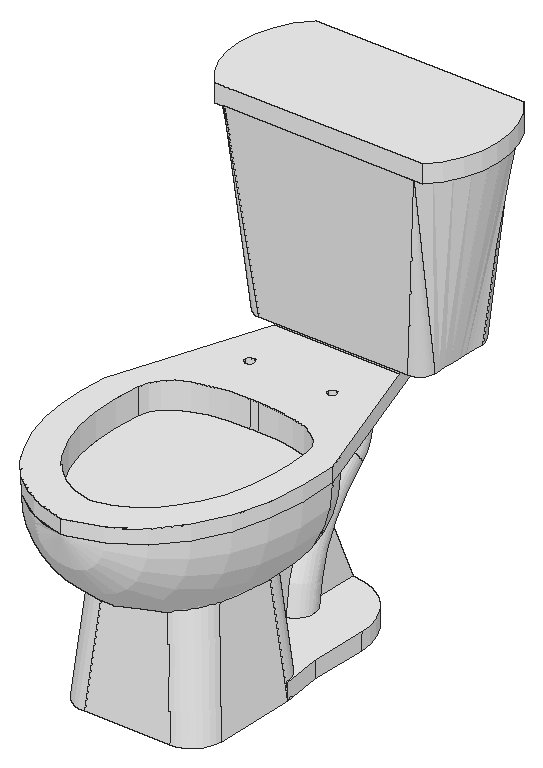
Revit family "toilet-floor_mount-zurn-z5535-k", category Plumbing Fixtures, host Face, Revit 2022
Family settings
  Host = Face
  Round Connector Dimension = Use Radius
  Part Type = Normal
  OmniClass Number = 23.45.05.21.11.11
  OmniClass Title = Water Operated Water Closets
  Cut with Voids When Loaded = No
  Maintain Annotation Orientation = No
  Shared = No
  Room Calculation Point = No
Parameters (values of type "Z5535-K (Elongated, Two-Piece Toilet)")
  Width of Tank = 17.313"  # constant formula
  Width of Bowl = 14.500"  # constant formula
  Width of ( Bowl + Tank) = 28.250"  # constant formula
  Water Sense Compliance = 1 = 1  # yes
  Waste Connection = 1 = 1  # yes
  WFU = 0  # constant formula
  Vent Connection = 1 = 0  # no
  URL = "https://www.zurn.com/"
  Shipping Weight (lbs) = 89  # constant formula
  Repair Parts URL = "https://files.zurn.com/care-cleaning-install-warranty-sheets/cbf10.pdf#page=3"
  Product data URL = "https://www.bimobject.com/zurnindustries/product/Z5535-K\r\nhttps://www.bimobject.com/zurnindustries/product/Z5535-K"
  Product Page URL = "https://www.zurn.com/products/finish-plumbing/fixtures/water-closets/z5535-k"
  Product Installation Sheet URL = "https://files.zurn.com/care-cleaning-install-warranty-sheets/cbf10.pdf"
  Product Documentation Link = "https://files.zurn.com/spec-sheets/z5535-k_spec.pdf"
  Sanitary Outlet  Pipe Radius (inch) = 1.500"
  Modified Date = "01/09/2026"  # constant formula
  Model = "Z5535-K"  # constant formula
  Manufacturer Brand = "Zurn"  # constant formula
  Manufacturer = "Zurn Water, LLC"  # constant formula
  Main Material = Vitreous China - Zurn - White
  Length of Tank = 8.500"  # constant formula
  Height of Tank = 14.125"  # constant formula
  Height of Bowl = 15.000"  # constant formula
  Height of ( Bowl + Tank) = 29.125"  # constant formula
  HWFU = 0  # constant formula
  HW Connection = 1 = 0  # no
  Flush Rate (GPF) = "1.28"  # constant formula
  Fixture Mounting Method = "Floor Mounted"  # constant formula
  Description = "1.28 gpf, STD Height, Elongated, Siphon Jet Toilet "  # constant formula
  Default Elevation = 48.000"
  Date Created = "01/09/2026"  # constant formula
  CWFU = 0  # constant formula
  CW Connection = 1 = 0  # no
  Assembly Code = "D2010.60"
  ADA Compliance = 1 = 0  # no
Reference planes (in)
  plane 1 "Center (Front/Back)": y = 0
  plane 2: z = 0
  plane 3 "Center (Left/Right)": x = 0
  plane 4: x = -8.6565
  plane 5: x = 8.6565
  plane 6: y = 10.5
  plane 7: y = 2
  plane 8: z = 15
  plane 9: z = 29.125
  plane 10: x = -7.25
  plane 11: x = 7.25
  plane 12: y = -17.75
  plane 13: y = -0.6234
  plane 14: y = 0
  plane 15: y = 0.27984
Dimensions and locks (in)
  equal spacing: plane 4, plane 3 "Center (Left/Right)", plane 5
  "Width of Tank": plane 4 to plane 5
  locked: plane 7 to plane 1 "Center (Front/Back)" at 2
  "Length of Tank": plane 6 to plane 7
  "Height of Bowl": plane 8 to level
  "Height of ( Bowl + Tank)": plane 9 to level
  plane 9 to plane 8 = 14.125"
  equal spacing: plane 10, plane 3 "Center (Left/Right)", plane 11
  "Width of Bowl": plane 10 to plane 11
  "Width of ( Bowl + Tank)": plane 12 to plane 6
  aligned and locked: plane 2 to host face
  aligned and locked: level to host face
  aligned and locked: plane 3 "Center (Left/Right)" to nested 1
  aligned and locked: plane 1 "Center (Front/Back)" to nested 1
Automatic sketch dimensions
  host sketch curve to host sketch curve = 49.00546"
  host sketch curve to host sketch curve = 84.57819"
Nested families (in)
  nested 1: "Z5535-K" at (0, 0, 0), type "Z5535-K"
Connectors (in)
  piping at (0, 0, 0), diameter 3, driven by "Waste Connection"
    settings: on nested 1, index 2, connector inside diameter 24", connector length 0.000", flow factor 0, pipe flow 0 GPM, pressure drop 0.00 psi, fitting loss kfactor 0, connector angle 0.00°, fixture units 0, engagement length 0.000", angle of deflection 0.00°, flow configuration 0, flow direction 2, fitting loss method 0, system type 16, joint type 0, gender type 0, connector reference index -1, connector utility 1, adjustable connector no, is connector primary yes, connector description "Water Closet Outlet"
Definition of nested family "Z5535-K"
  Parameters (values of type "Z5535-K")
    Material = none
    Default Elevation = 48.000"
  Reference planes (in)
    plane 1 "Center (Front/Back)": y = 0
    plane 2: z = 0
    plane 3 "Center (Left/Right)": x = 0
    plane 4: z = 15
    plane 5: z = 29.125
  Forms (in)
    Blend 1, solid, material <- "Material", detail levels fine
      base sketch origin (0, 0, 0) x (1, 0, 0) y (0, 1, 0)
        loop
          arc (2.84867, -14.12835) -> (4.23654, -13.55347) -> (4.81142, -12.1656) r 1.96275
          line (4.81142, -12.1656) -> (4.81142, -6.65198)
          arc (4.81142, -6.65198) -> (4.22564, -5.23776) -> (2.81142, -4.65197) r 2
          line (2.81142, -4.65197) -> (-2.81142, -4.65197)
          arc (-2.81142, -4.65197) -> (-4.22563, -5.23776) -> (-4.81142, -6.65197) r 2
          line (-4.81142, -6.65197) -> (-4.81142, -12.16476)
          arc (-4.81142, -12.16476) -> (-4.23684, -13.55317) -> (-2.84867, -14.12835) r 1.96275
          line (-2.84867, -14.12835) -> (2.84867, -14.12835)
      top sketch origin (0, 0, 0) x (1, 0, 0) y (0, 1, 0)
        loop
          line (1.81142, -5.65197) -> (-2.81142, -5.65197)
          arc (-2.81142, -5.65197) -> (-3.51852, -5.94487) -> (-3.81142, -6.65197) r 1
          line (-3.81142, -6.65197) -> (-3.81142, -11.1656)
          arc (-3.81142, -11.1656) -> (-3.23654, -12.55347) -> (-1.84867, -13.12835) r 1.96275
          line (-1.84867, -13.12835) -> (1.84867, -13.12835)
          arc (1.84867, -13.12835) -> (3.23654, -12.55347) -> (3.81142, -11.1656) r 1.96275
          line (3.81142, -11.1656) -> (3.81142, -7.65198)
          arc (3.81142, -7.65198) -> (3.22564, -6.23776) -> (1.81142, -5.65197) r 2
      from 0 to 11.0774
    Extrusion 2, solid, material <- "Material", detail levels fine
      sketch origin (0, 0, 0) x (1, 0, 0) y (0, 1, 0)
        loop
          arc (4.45589, 0) -> (0, 4.45589) -> (-4.45589, 0) r 4.45589
          line (-4.45589, 0) -> (-4.45589, -3.90354) -> (-4.81142, -6.65198) -> (4.81142, -6.65198) -> (4.45589, -3.90354) -> (4.45589, 0)
      from 0 to 1.10198
    Extrusion 3, solid, material <- "Material", detail levels fine
      sketch origin (0, 0, 0) x (0, 1, 0) y (0, 0, 1)
        loop
          line (-1.23093, 0.65787) -> (4.45589, 0.65787) -> (4.45589, 1.10198) -> (2.40856, 5.63929) -> (8.07969, 13.73851) -> (8.07969, 14.82283) -> (-2.78513, 14.82283) -> (-5.51195, 7.6022) -> (-5.14801, 0.65787) -> (-1.23093, 0.65787)
      from -0.31496 to 0.31496
    Sweep 4, solid, material <- "Material", detail levels fine
      path origin (0, 0, 0) x (0, 1, 0) y (0, 0, 1)
        loop
          arc (-0.00732, 0.46697) -> (0.96381, 5.06054) -> (3.85339, 8.76111) r 10.41718
          arc (3.85339, 8.76111) -> (3.98498, 11.28445) -> (1.46182, 11.14952) r 1.69943
          arc (1.46182, 11.14952) -> (-1.77644, 8.45018) -> (-5.80209, 7.19841) r 10.78539
      profile origin (0, 0.96381, 5.06054) x (0, -0.906597, 0.421998) y (1, 0, 0)
        loop
          circle (0, 0) r 1.25
    Extrusion 5, solid, material <- "Material", detail levels fine
      sketch origin (0, 0, 0) x (1, 0, 0) y (0, 1, 0)
        loop
          spline (0, -19.65419) -> (1.43121, -19.30258) -> (2.70592, -18.74099) -> (3.82774, -17.99153) -> (4.80028, -17.0763) -> (5.62717, -16.01739) -> (6.31199, -14.83689) -> (6.85838, -13.55691) -> (7.26994, -12.19954) -> (7.55028, -10.78689) -> (7.70302, -9.34103) -> (7.73177, -7.88408) -> (7.64013, -6.43813)
          line (7.64013, -6.43813) -> (2.838, 7.50827)
          arc (2.838, 7.50827) -> (0, 9.53259) -> (-2.838, 7.50827) r 3.00153
          line (-2.838, 7.50827) -> (-7.64013, -6.43813)
          spline (-7.64013, -6.43813) -> (-7.73177, -7.88408) -> (-7.70302, -9.34103) -> (-7.55028, -10.78689) -> (-7.26994, -12.19954) -> (-6.85838, -13.55691) -> (-6.31199, -14.83689) -> (-5.62717, -16.01739) -> (-4.80028, -17.0763) -> (-3.82774, -17.99153) -> (-2.70592, -18.74099) -> (-1.43121, -19.30258) -> (0, -19.65419)
        loop
          circle (-2.77021, -0.34962) r 0.3366
        loop
          circle (2.74402, -0.32635) r 0.31343
      from 14.0173 to 15
    Revolve 6, solid, material <- "Material", detail levels fine
      sketch origin (0, 0, 14.0173) x (1, 0, 0) y (0, 1, 0)
        loop
          spline (0, -19.65419) -> (1.43121, -19.30258) -> (2.70592, -18.74099) -> (3.82774, -17.99153) -> (4.80028, -17.0763) -> (5.62717, -16.01739) -> (6.31199, -14.83689) -> (6.85838, -13.55691) -> (7.26994, -12.19954) -> (7.55028, -10.78689) -> (7.70302, -9.34103) -> (7.73177, -7.88408) -> (7.64013, -6.43813)
          spline (7.64013, -6.43813) -> (7.47588, -5.83375) -> (7.22573, -5.28193) -> (6.88969, -4.78266) -> (6.46775, -4.33594) -> (5.95992, -3.94178) -> (5.36619, -3.60018) -> (4.68656, -3.31113) -> (3.92104, -3.07463) -> (3.06962, -2.89069) -> (2.13231, -2.7593) -> (1.1091, -2.68047) -> (0, -2.65419)
          line (0, -2.65419) -> (0, -19.65419)
        axis (0, -19.65419) -> (0, -2.65419)
      angle from 0 to 180
    Extrusion 7, solid, material <- "Material", detail levels fine
      sketch origin (-0.01855, 0, 14.0173) x (0, 1, 0) y (1, 0, 0)
        loop
          line (3.52452, -4.20971) -> (7.50827, -2.838)
          arc (7.50827, -2.838) -> (9.53259, 0) -> (7.50827, 2.838) r 3.00153
          line (7.50827, 2.838) -> (3.52452, 4.20971) -> (3.52452, -4.20971)
      from -0.9827 to -1.17155
    Extrusion 8, void
      sketch origin (0, 0, 0) x (1, 0, 0) y (0, 1, 0)
        loop
          spline (-5.66875, -6.11508) -> (-5.77213, -7.41621) -> (-5.76755, -8.72559) -> (-5.6524, -10.01683) -> (-5.42596, -11.26304) -> (-5.09112, -12.43664) -> (-4.65356, -13.5111) -> (-4.11902, -14.46869) -> (-3.49546, -15.29552) -> (-2.7879, -15.98338) -> (-1.98513, -16.53916) -> (-1.06921, -16.96) -> (0, -17.24063)
          spline (0, -17.24063) -> (1.06921, -16.96) -> (1.98513, -16.53916) -> (2.7879, -15.98338) -> (3.49546, -15.29552) -> (4.11902, -14.46869) -> (4.65356, -13.5111) -> (5.09112, -12.43664) -> (5.42596, -11.26304) -> (5.6524, -10.01683) -> (5.76755, -8.72559) -> (5.77213, -7.41621) -> (5.66875, -6.11508)
          spline (5.66875, -6.11508) -> (5.59678, -5.70378) -> (5.45588, -5.32726) -> (5.24605, -4.98553) -> (4.96729, -4.6786) -> (4.61961, -4.40645) -> (4.20299, -4.16908) -> (3.71744, -3.96651) -> (3.16297, -3.79873) -> (2.53957, -3.66573) -> (1.84723, -3.56753) -> (1.08597, -3.50411) -> (0.25578, -3.47548)
          line (0.25578, -3.47548) -> (-0.25578, -3.47548)
          spline (-0.25578, -3.47548) -> (-1.08597, -3.50411) -> (-1.84723, -3.56753) -> (-2.53957, -3.66573) -> (-3.16297, -3.79873) -> (-3.71744, -3.96651) -> (-4.20299, -4.16908) -> (-4.61961, -4.40645) -> (-4.96729, -4.6786) -> (-5.24605, -4.98553) -> (-5.45588, -5.32726) -> (-5.59678, -5.70378) -> (-5.66875, -6.11508)
      from 13.22281 to 16.99329
    Extrusion 9, void
      sketch origin (0, 0, 0) x (1, 0, 0) y (0, 1, 0)
        loop
          circle (0, 6.489) r 1.25
      from 15.29183 to 17.48496
    Extrusion 10, solid, material <- "Material", detail levels coarse+medium
      sketch origin (0, 0, 14.0173) x (0, 1, 0) y (1, 0, 0)
        loop
          line (-6.1748, 7.71894) -> (-11.90198, 7.71894)
          arc (-11.90198, 7.71894) -> (-17.37106, 5.45999) -> (-19.65191, 0) r 7.75
          arc (-19.65191, 0) -> (-17.37106, -5.45999) -> (-11.90198, -7.71894) r 7.75
          line (-11.90198, -7.71894) -> (-6.1748, -7.71894) -> (7.53948, -2.82706)
          arc (7.53948, -2.82706) -> (9.53259, 0) -> (7.53948, 2.82706) r 3.00153
          line (7.53948, 2.82706) -> (-6.1748, 7.71894)
      from -0.9827 to 14.0173
    Extrusion 11, void
      sketch origin (0, 0, 0) x (1, 0, 0) y (0, 1, 0)
        loop
          circle (0, 0) r 1.25977
      from 0 to 1.10198
  Cuts and joins
    Extrusion 8, Extrusion 11 cuts Blend 1
    Extrusion 8, Extrusion 11 cuts Extrusion 2
    Extrusion 8, Extrusion 11 cuts Extrusion 3
    Extrusion 8, Extrusion 11 cuts Sweep 4
    Extrusion 8, Extrusion 9, Extrusion 11 cuts Extrusion 5
    Extrusion 8, Extrusion 11 cuts Revolve 6
    Extrusion 8, Extrusion 9, Extrusion 11 cuts Extrusion 7
    joined: Blend 1, Extrusion 2, Extrusion 3, Sweep 4, Extrusion 5, Revolve 6, Extrusion 7
    Extrusion 8 cuts Extrusion 10
  Lines and regions (in)
    Masking region 1
      outline origin (0, 0, 0) x (1, 0, 0) y (0, 1, 0)
        loop
          spline (-6.68028, -14.03823) -> (-6.36618, -14.74153) -> (-6.00902, -15.42493) -> (-5.60851, -16.08342) -> (-5.16378, -16.71313) -> (-4.67455, -17.30892) -> (-4.13971, -17.8642) -> (-3.55701, -18.36884) -> (-2.9246, -18.81064) -> (-2.24479, -19.17382) -> (-1.52172, -19.44405) -> (-0.76925, -19.61221) -> (0, -19.67078)
          spline (0, -19.67078) -> (0.76925, -19.61221) -> (1.52172, -19.44405) -> (2.24479, -19.17382) -> (2.9246, -18.81064) -> (3.55701, -18.36884) -> (4.13971, -17.8642) -> (4.67455, -17.30892) -> (5.16378, -16.71313) -> (5.60851, -16.08342) -> (6.00902, -15.42493) -> (6.36618, -14.74153) -> (6.68028, -14.03823)
          spline (6.68028, -14.03823) -> (6.91714, -13.41949) -> (7.12367, -12.78952) -> (7.29974, -12.1507) -> (7.44538, -11.50442) -> (7.56078, -10.85156) -> (7.64583, -10.19427) -> (7.70061, -9.53406) -> (7.72545, -8.87153) -> (7.72029, -8.20868) -> (7.68493, -7.54722) -> (7.61889, -6.88781) -> (7.5219, -6.23262)
          line (7.5219, -6.23262) -> (7.4191, -5.7962) -> (4.67891, 2.16189) -> (7.2538, 2.16189)
          arc (7.2538, 2.16189) -> (8.99895, 6.59723) -> (7.09234, 10.9656) r 6.22
          line (7.09234, 10.9656) -> (-6.85835, 10.9656)
          arc (-6.85835, 10.9656) -> (-8.83596, 6.62682) -> (-7.16258, 2.16189) r 6.2236
          line (-7.16258, 2.16189) -> (-4.67891, 2.16189) -> (-7.4191, -5.7962) -> (-7.5219, -6.23262)
          spline (-7.5219, -6.23262) -> (-7.61889, -6.88781) -> (-7.68493, -7.54722) -> (-7.72029, -8.20868) -> (-7.72545, -8.87153) -> (-7.70061, -9.53406) -> (-7.64583, -10.19427) -> (-7.56078, -10.85156) -> (-7.44538, -11.50442) -> (-7.29974, -12.1507) -> (-7.12367, -12.78952) -> (-6.91714, -13.41949) -> (-6.68028, -14.03823)
    symbolic lines, detail levels fine
      curve 1: line (4.60622, -13.27749, 0) -> (-5.27675, -6.2357, 0)
      curve 2: line (-5.27674, -6.23567, 0) -> (4.60602, -13.27734, 0)
      curve 3: line (-0.81331, -7.01843, 0) -> (-0.71544, -7.29079, 0)
      curve 4: line (0, -5.11053, 0) -> (-0.81331, -7.01843, 0)
      curve 5: line (-0.71544, -7.29079, 0) -> (0.71544, -7.29079, 0)
      curve 6: line (0.81331, -7.01843, 0) -> (0.71544, -7.29079, 0)
      curve 7: line (0, -5.11053, 0) -> (0.81331, -7.01843, 0)
      curve 8: circle (2.75592, -0.32766, 0) r 0.31496 normal (0, 0, 1)
      curve 9: circle (-2.7559, -0.32766, 0) r 0.31496 normal (0, 0, 1)
  Dimensions and locks (in)
    Blend 1 sketch curve to plane 3 "Center (Left/Right)" to Blend 1 sketch curve = 4.81142", 4.81142"
    Blend 1 sketch curve to Blend 1 sketch curve = 9.62283"
    locked: plane 4 to level at 15
    locked: plane 5 to level at 29.125
    nested 1 to Masking region 1 = 17.83967"
    aligned and locked: plane 2 to level
    aligned and locked: Masking region 1 sketch curve to nested 1  (x2)
    aligned and locked: cut or joined group 1 (Blend 1, Extrusion 2, Extrusion 3, Sweep 4, Extrusion 5, Revolve 6, Extrusion 7, Extrusion 8, Extrusion 9, Extrusion 11) to Masking region 1 sketch curve  (x2)
    aligned and locked: nested 1 to Masking region 1 sketch curve
    aligned and locked: Extrusion 7 to Extrusion 5
    aligned and locked: nested 1 to cut or joined group 1
    aligned and locked: plane 4 to Extrusion 10
    aligned and locked: Extrusion 10 to level
  Nested families (in)
    nested 1: "Z5535-TNK" at (-0.18342, 6.41189, 15.18885) x (-1, 0, 0) z (0, 0, 1), type "Z5535-TNK"
  Definition of nested family "Z5535-TNK"
    Parameters (values of type "Z5535-TNK")
      Width of Tank = 17.3125"
      Material = none
      Default Elevation = 0.000"
    Reference planes (in)
      plane 1 "Center (Front/Back)": y = 0
      plane 2: z = 0
      plane 3 "Center (Left/Right)": x = 0
      plane 4: x = -8.65625
      plane 5: x = 8.65625
      plane 6: z = 13.93
      plane 7: z = 12.72
    Forms (in)
      Blend 1, solid, material <- "Material"
        base sketch origin (0, 0, 0) x (1, 0, 0) y (0, 1, 0)
          loop
            arc (5, -3) -> (5.70711, -2.70711) -> (6, -2) r 1
            line (6, -2) -> (6, 2)
            arc (6, 2) -> (5.70711, 2.70711) -> (5, 3) r 1
            line (5, 3) -> (-5, 3)
            arc (-5, 3) -> (-5.70711, 2.70711) -> (-6, 2) r 1
            line (-6, 2) -> (-6, -2)
            arc (-6, -2) -> (-5.70711, -2.70711) -> (-5, -3) r 1
            line (-5, -3) -> (5, -3)
        top sketch origin (0, 0, 0) x (1, 0, 0) y (0, 1, 0)
          loop
            line (6.36225, 4.25) -> (-6.38775, 4.25)
            arc (-6.38775, 4.25) -> (-8.47599, 0) -> (-6.38775, -4.25) r 5.36895
            line (-6.38775, -4.25) -> (6.36225, -4.25)
            arc (6.36225, -4.25) -> (8.41872, 0) -> (6.36225, 4.25) r 5.41985
        from 0 to 12.72
      Extrusion 2, solid, material <- "Material", detail levels fine
        sketch origin (0, 0, 0) x (1, 0, 0) y (0, 1, 0)
          loop
            arc (-6.98074, 4.25) -> (-8.65625, 0) -> (-6.98074, -4.25) r 6.2279
            line (-6.98074, -4.25) -> (6.97915, -4.25)
            arc (6.97915, -4.25) -> (8.65625, 0) -> (6.97915, 4.25) r 6.2236
            line (6.97915, 4.25) -> (-6.98074, 4.25)
        from 12.72 to 13.93
      Extrusion 3, void
        sketch origin (0, 0, 0) x (-1, 0, 0) y (0, -1, 0)
          loop
            circle (-4.72982, 1.97684) r 0.55118
        from -0.36527 to 1.40725
    Cuts and joins
      Extrusion 3 cuts Blend 1
    Lines and regions (in)
      symbolic lines, detail levels medium+fine
        curve 1: line (0, 4.30857, 12.71654) -> (0, -4.22225, 12.71654)
    Dimensions and locks (in)
      equal spacing: plane 4, plane 3 "Center (Left/Right)", plane 5
      "Width of Tank": plane 4 to plane 5
      level to plane 6 = 13.930"
      Extrusion 2 to Extrusion 2 = 8.500"
      Extrusion 2 sketch curve to plane 1 "Center (Front/Back)" to Extrusion 2 sketch curve = 4.250", 4.250"
      Blend 1 sketch curve to plane 1 "Center (Front/Back)" = 4.250"  (x2)
      Blend 1 sketch curve to plane 1 "Center (Front/Back)" = 3.000"
      plane 3 "Center (Left/Right)" to Blend 1 sketch curve = 6.000"
      aligned and locked: plane 2 to level
      aligned and locked: plane 1 "Center (Front/Back)" to Extrusion 2 sketch curve  (x2)
      aligned and locked: plane 7 to Extrusion 2
      aligned and locked: plane 7 to cut or joined group of Blend 1, Extrusion 3
    Automatic sketch dimensions
      plane 1 "Center (Front/Back)" to curve 1 = 4.22225"
      level to curve 1 = 12.71654"
      curve 1 to plane 1 "Center (Front/Back)" = 4.30857"
      Blend 1 sketch curve to plane 1 "Center (Front/Back)" = 2.000"
      Blend 1 sketch curve to plane 3 "Center (Left/Right)" = 6.000"
      Blend 1 sketch curve to Blend 1 sketch curve = 1.000"  (x3)
      Blend 1 sketch curve to Blend 1 sketch curve = 0.000"
      plane 4 to Extrusion 2 sketch curve = 1.67551"
      Extrusion 2 sketch curve to plane 3 "Center (Left/Right)" = 2.42835"
      plane 3 "Center (Left/Right)" to Extrusion 2 sketch curve = 2.43265"
      Extrusion 2 sketch curve to plane 5 = 1.6771"
      plane 1 "Center (Front/Back)" to Blend 1 sketch curve = 0.000"  (x2)
      Blend 1 sketch curve to plane 3 "Center (Left/Right)" = 6.38775"
      Blend 1 sketch curve to plane 3 "Center (Left/Right)" = 3.10704"
      plane 3 "Center (Left/Right)" to Blend 1 sketch curve = 2.99887"
      Blend 1 sketch curve to Blend 1 sketch curve = 3.36337"
      plane 1 "Center (Front/Back)" to Extrusion 3 sketch curve = 1.97684"
      plane 3 "Center (Left/Right)" to Extrusion 3 sketch curve = 4.72982"
      radius of Extrusion 3 sketch curve = 0.55118"
